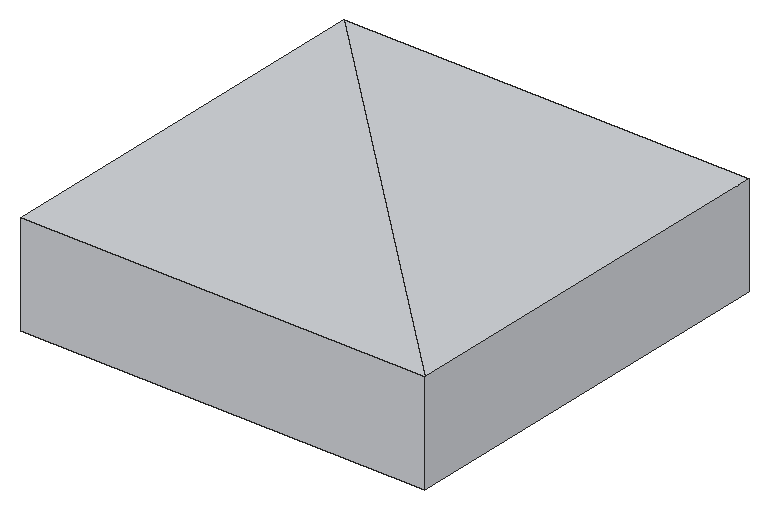
Revit family "電線管用ファミリ(片側のみ)_36", category Electrical Fixtures, Revit 2022
Family settings
  Round Connector Dimension = Use Diameter
  Part Type = Normal
  OmniClass Number = 23.80.00.00
  OmniClass Title = Electric Power and Lighting
  Work Plane-Based = No
  Always vertical = Yes
  Cut with Voids When Loaded = No
  Maintain Annotation Orientation = Yes
  Shared = No
  Room Calculation Point = No
Parameters
  コネクタ直径 [instance] = 16 mm
  W [instance] = 200 mm
  Default Elevation = 0 mm
  D [instance] = 200 mm
Reference planes
  plane 1 "Center (Front/Back)": y = 0
  plane 2: z = 0
  plane 3 "Center (Left/Right)": x = 0
  plane 4: x = -100
  plane 5: x = 100
  plane 6: y = 100
  plane 7: y = -100
  plane 8: z = 50
Forms (mm)
  Extrusion 1, solid
    sketch origin (0, 0, 0) x (1, 0, 0) y (0, 1, 0)
      loop
        line (-100, 100) -> (-100, -100) -> (100, -100) -> (100, 100) -> (-100, 100)
    from 0 to 50
  Extrusion 2, solid
    sketch origin (0, 0, 0) x (1, 0, 0) y (0, 1, 0)
      loop
        line (-100, 100) -> (-100, -100) -> (100, -100) -> (-100, 100)
    from 0 to 50
Dimensions and locks
  equal spacing: plane 4, plane 3 "Center (Left/Right)", plane 5
  "W": plane 4 to plane 5
  equal spacing: plane 6, plane 1 "Center (Front/Back)", plane 7
  "D": plane 6 to plane 7
  aligned and locked: level to plane 2
  aligned and locked: Extrusion 1 sketch curve to plane 6
  aligned and locked: plane 4 to Extrusion 1 sketch curve
  aligned and locked: plane 7 to Extrusion 1 sketch curve
  aligned and locked: Extrusion 1 sketch curve to plane 5
  aligned and locked: plane 8 to Extrusion 1
Automatic sketch dimensions
  Extrusion 2 sketch curve to plane 4 = 0 mm
  Extrusion 2 sketch curve to plane 5 = 0 mm
  Extrusion 2 sketch curve to plane 7 = 0 mm
  Extrusion 2 sketch curve to plane 6 = 0 mm
Connectors
  cabletrayconduit at (0, 0, 50), diameter 16
    settings: on Extrusion 1, index 1, connector width 300 mm, connector height 300 mm, connector angle 0.00°, system type 32, placement type 0, profile type 0, connector reference index -1, is primary connector yes, connector utility param no, connector description ""
